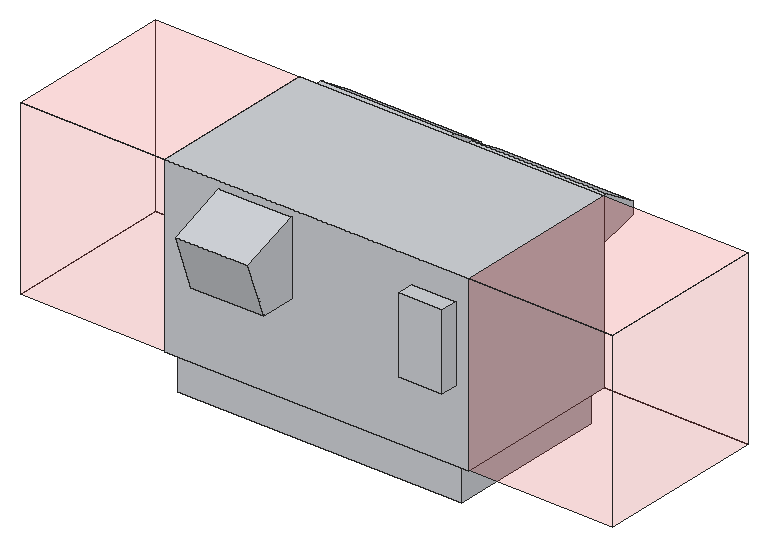
Revit family
Parameters (values of type "208 V Single Phase")
  Weight Scheduled [instance] = 2220  # constant formula
  Voltage Workaround = Voltage / 1 V  # 208
  Voltage Scheduled = Voltage  # 208 V
  Voltage = 208 V
  VoltAmps Workaround [instance] = Voltage Workaround * Total FLA * sqrt(Phase)  # 0
  VoltAmps [instance] = VoltAmps Workaround * 1 VA  # 0 VA
  VFD [instance] = yes
  URL = "http://www.renewaire.com/products/commercial-products/outdoor-models/le6xrt"
  Total FLA [instance] = if(or(Supply Motor FLA = 0, Exhaust Motor FLA = 0), 0, (Supply Motor FLA * Supply Motor Count) + (Exhaust Motor FLA * Exhaust Motor Count))  # 0
  Supply Motor RPM Scheduled [instance] = Supply Motor RPM  # 0
  Supply Motor RPM [instance] = if(and(or(Supply ESP = 0, Supply ESP > 0), Supply ESP < 0.25), if(Supply Motor HP = 3, if(Supply CFM > 4220 CFM, 0, if(Supply CFM > 3980 CFM, 837, if(Supply CFM > 4470 CFM, 796, if(Supply CFM > 3620 CFM, 755, if(Supply CFM > 3500 CFM, 714, if(Supply CFM > 3420 CFM, 673, 632)))))), if(Supply Motor HP = 5, if(Supply CFM > 5170 CFM, 0, if(Supply CFM > 4880 CFM, 982, if(Supply CFM > 4600 CFM, 940, if(Supply CFM > 4340 CFM, 898, if(Supply CFM > 4090 CFM, 857, if(Supply CFM > 3870 CFM, 815, 773)))))), if(Supply Motor HP = 7.5, if(Supply CFM > 6430 CFM, 0, if(Supply CFM > 5960 CFM, 1122, if(Supply CFM > 5610 CFM, 1082, if(Supply CFM > 5300 CFM, 1041, 1000)))), 0))), if(and(or(Supply ESP = 0.25, Supply ESP > 0.25), Supply ESP < 0.5), if(Supply Motor HP = 3, if(Supply CFM > 3920 CFM, 0, if(Supply CFM > 3660 CFM, 837, if(Supply CFM > 3440 CFM, 796, if(Supply CFM > 3270 CFM, 755, if(Supply CFM > 3150 CFM, 714, if(Supply CFM > 3080 CFM, 673, 632)))))), if(Supply Motor HP = 5, if(Supply CFM > 4940 CFM, 0, if(Supply CFM > 4640 CFM, 982, if(Supply CFM > 4330 CFM, 940, if(Supply CFM > 4050 CFM, 898, if(Supply CFM > 3770 CFM, 857, if(Supply CFM > 3530 CFM, 815, 773)))))), if(Supply Motor HP = 7.5, if(Supply CFM > 6600 CFM, 0, if(Supply CFM > 6150 CFM, 1163, if(Supply CFM > 5730 CFM, 1122, if(Supply CFM > 5380 CFM, 1082, if(Supply CFM > 5070 CFM, 1041, 1000))))), 0))), if(and(or(Supply ESP = 0.5, Supply ESP > 0.5), Supply ESP < 0.75), if(Supply Motor HP = 3, if(Supply CFM > 3520 CFM, 0, if(Supply CFM > 3220 CFM, 837, if(Supply CFM > 2950 CFM, 796, if(Supply CFM > 2750 CFM, 755, if(Supply CFM > 2600 CFM, 714, if(Supply CFM > 2510 CFM, 673, 632)))))), if(Supply Motor HP = 5, if(Supply CFM > 4670 CFM, 0, if(Supply CFM > 4340 CFM, 982, if(Supply CFM > 4000 CFM, 940, if(Supply CFM > 3670 CFM, 898, if(Supply CFM > 3350 CFM, 857, if(Supply CFM > 3060 CFM, 815, 773)))))), if(Supply Motor HP = 7.5, if(Supply CFM > 6490 CFM, 0, if(Supply CFM > 5850 CFM, 1163, if(Supply CFM > 5460 CFM, 1122, if(Supply CFM > 5130 CFM, 1082, if(Supply CFM > 4810 CFM, 1041, 1000))))), 0))), if(and(or(Supply ESP = 0.75, Supply ESP > 0.75), Supply ESP < 1), if(Supply Motor HP = 3, if(Supply CFM > 2880 CFM, 0, if(Supply CFM > 2400 CFM, 837, if(Supply CFM > 1800 CFM, 796, 755))), if(Supply Motor HP = 5, if(Supply CFM > 4330 CFM, 0, if(Supply CFM > 3950 CFM, 982, if(Supply CFM > 3540 CFM, 940, if(Supply CFM > 3100 CFM, 898, if(Supply CFM > 2630 CFM, 857, if(Supply CFM > 2090 CFM, 815, 773)))))), if(Supply Motor HP = 7.5, if(Supply CFM > 6600 CFM, 0, if(Supply CFM > 5990 CFM, 1204, if(Supply CFM > 5510 CFM, 1163, if(Supply CFM > 5160 CFM, 1122, if(Supply CFM > 4830 CFM, 1082, if(Supply CFM > 4490 CFM, 1041, 1000)))))), 0))), if(and(or(Supply ESP = 1, Supply ESP > 1), Supply ESP < 1.25), if(Supply Motor HP = 5, if(Supply CFM > 3880 CFM, 0, if(Supply CFM > 3380 CFM, 982, if(Supply CFM > 2700 CFM, 940, if(Supply CFM > 1770 CFM, 898, 857)))), if(Supply Motor HP = 7.5, if(Supply CFM > 6230 CFM, 0, if(Supply CFM > 5510 CFM, 1204, if(Supply CFM > 5140 CFM, 1163, if(Supply CFM > 4810 CFM, 1122, if(Supply CFM > 4460 CFM, 1082, if(Supply CFM > 4070 CFM, 1041, 1000)))))), 0)), if(and(or(Supply ESP = 1.25, Supply ESP > 1.25), Supply ESP < 1.5), if(Supply Motor HP = 5, if(Supply CFM > 3160 CFM, 0, if(Supply CFM > 2050 CFM, 982, 940)), if(Supply Motor HP = 7.5, if(Supply CFM > 5380 CFM, 0, if(Supply CFM > 5040 CFM, 1204, if(Supply CFM > 4720 CFM, 1163, if(Supply CFM > 4380 CFM, 1122, if(Supply CFM > 3980 CFM, 1082, if(Supply CFM > 3460 CFM, 1041, 1000)))))), 0)), if(and(or(Supply ESP = 1.5, Supply ESP > 1.5), Supply ESP < 1.75), if(Supply Motor HP = 5, if(Supply CFM > 1400 CFM, 0, 982), if(Supply Motor HP = 7.5, if(Supply CFM > 4800 CFM, 0, if(Supply CFM > 4550 CFM, 1204, if(Supply CFM > 4230 CFM, 1163, if(Supply CFM > 3830 CFM, 1122, if(Supply CFM > 3240 CFM, 1082, if(Supply CFM > 2100 CFM, 1041, 1000)))))), 0)), if(and(or(Supply ESP = 1.75, Supply ESP > 1.75), Supply ESP < 2), if(Supply Motor HP = 7.5, if(Supply CFM > 4300 CFM, 0, if(Supply CFM > 4020 CFM, 1204, if(Supply CFM > 3630 CFM, 1163, if(Supply CFM > 3010 CFM, 1122, if(Supply CFM > 1600 CFM, 1082, 1041))))), 0), if(Supply ESP = 2, if(Supply Motor HP = 7.5, if(Supply CFM > 3800 CFM, 0, if(Supply CFM > 3440 CFM, 1204, if(Supply CFM > 2800 CFM, 1163, 1122))), 0), 0)))))))))  # 0
  Supply Motor HP Scheduled [instance] = Supply Motor HP  # 0
  Supply Motor HP [instance] = 0
  Supply Motor FLA [instance] = if(VFD, if(Supply Motor BHP = 0, 0, if(Supply Motor HP = 3, if(and(or(Voltage = 208 V, Voltage = 230 V), Phase = 1), 9.38, if(and(or(Voltage = 208 V, Voltage = 230 V), Phase = 3), 9.38, if(and(Voltage = 460 V, Phase = 3), 4.24, if(and(Voltage = 575 V, Phase = 3), 3.3, 0)))), if(Supply Motor HP = 5, if(and(or(Voltage = 208 V, Voltage = 230 V), Phase = 3), 14.5, if(and(Voltage = 460 V, Phase = 3), 6.7, if(and(Voltage = 575 V, Phase = 3), 5.3, 0))), if(Supply Motor HP = 7.5, if(and(or(Voltage = 208 V, Voltage = 230 V), Phase = 3), 21, if(and(Voltage = 460 V, Phase = 3), 9.4, if(and(Voltage = 575 V, Phase = 3), 7.6, 0))), 0)))), if(Supply Motor BHP = 0, 0, if(Supply Motor HP = 3, if(and(or(Voltage = 208 V, Voltage = 230 V), Phase = 1), 14.7, if(and(or(Voltage = 208 V, Voltage = 230 V), Phase = 3), 9.38, if(and(Voltage = 460 V, Phase = 3), 4.24, if(and(Voltage = 575 V, Phase = 3), 3.3, 0)))), if(Supply Motor HP = 5, if(and(or(Voltage = 208 V, Voltage = 230 V), Phase = 3), 14.5, if(and(Voltage = 460 V, Phase = 3), 6.7, if(and(Voltage = 575 V, Phase = 3), 5.3, 0))), if(Supply Motor HP = 7.5, if(and(or(Voltage = 208 V, Voltage = 230 V), Phase = 3), 21, if(and(Voltage = 460 V, Phase = 3), 9.4, if(and(Voltage = 575 V, Phase = 3), 7.6, 0))), 0)))))  # 0
  Supply Motor Count Scheduled [instance] = Supply Motor Count  # 1
  Supply Motor Count [instance] = 1  # constant formula
  Supply Motor BHP [instance] = if(and(or(Supply ESP = 0, Supply ESP > 0), Supply ESP < 0.25), if(Supply Motor HP = 3, if(Supply CFM > 4220 CFM, 0, if(Supply CFM > 3980 CFM, 2.3, if(Supply CFM > 4470 CFM, 2, if(Supply CFM > 3620 CFM, 1.8, if(Supply CFM > 3500 CFM, 1.5, if(Supply CFM > 3420 CFM, 1.4, 1.2)))))), if(Supply Motor HP = 5, if(Supply CFM > 5170 CFM, 0, if(Supply CFM > 4880 CFM, 3.9, if(Supply CFM > 4600 CFM, 3.4, if(Supply CFM > 4340 CFM, 2.9, if(Supply CFM > 4090 CFM, 2.5, if(Supply CFM > 3870 CFM, 2.2, 1.9)))))), if(Supply Motor HP = 7.5, if(Supply CFM > 6430 CFM, 0, if(Supply CFM > 5960 CFM, 6.4, if(Supply CFM > 5610 CFM, 5.5, if(Supply CFM > 5300 CFM, 4.8, 4.2)))), 0))), if(and(or(Supply ESP = 0.25, Supply ESP > 0.25), Supply ESP < 0.5), if(Supply Motor HP = 3, if(Supply CFM > 3920 CFM, 0, if(Supply CFM > 3660 CFM, 2.1, if(Supply CFM > 3440 CFM, 1.8, if(Supply CFM > 3270 CFM, 1.6, if(Supply CFM > 3150 CFM, 1.4, if(Supply CFM > 3080 CFM, 1.2, 1.1)))))), if(Supply Motor HP = 5, if(Supply CFM > 4940 CFM, 0, if(Supply CFM > 4640 CFM, 3.7, if(Supply CFM > 4330 CFM, 2.7, if(Supply CFM > 4050 CFM, 2.7, if(Supply CFM > 3770 CFM, 2.3, if(Supply CFM > 3530 CFM, 2, 1.7)))))), if(Supply Motor HP = 7.5, if(Supply CFM > 6600 CFM, 0, if(Supply CFM > 6150 CFM, 7, if(Supply CFM > 5730 CFM, 6, if(Supply CFM > 5380 CFM, 5.1, if(Supply CFM > 5070 CFM, 4.5, 3.9))))), 0))), if(and(or(Supply ESP = 0.5, Supply ESP > 0.5), Supply ESP < 0.75), if(Supply Motor HP = 3, if(Supply CFM > 3520 CFM, 0, if(Supply CFM > 3220 CFM, 1.9, if(Supply CFM > 2950 CFM, 1.6, if(Supply CFM > 2750 CFM, 1.4, if(Supply CFM > 2600 CFM, 1.2, if(Supply CFM > 2510 CFM, 1.1, 1)))))), if(Supply Motor HP = 5, if(Supply CFM > 4670 CFM, 0, if(Supply CFM > 4340 CFM, 3.4, if(Supply CFM > 4000 CFM, 2.4, if(Supply CFM > 3670 CFM, 2.4, if(Supply CFM > 3350 CFM, 2, if(Supply CFM > 3060 CFM, 1.7, 1.4)))))), if(Supply Motor HP = 7.5, if(Supply CFM > 6490 CFM, 0, if(Supply CFM > 5850 CFM, 6.7, if(Supply CFM > 5460 CFM, 5.5, if(Supply CFM > 5130 CFM, 4.8, if(Supply CFM > 4810 CFM, 4.2, 3.6))))), 0))), if(and(or(Supply ESP = 0.75, Supply ESP > 0.75), Supply ESP < 1), if(Supply Motor HP = 3, if(Supply CFM > 2880 CFM, 0, if(Supply CFM > 2400 CFM, 1.5, if(Supply CFM > 1800 CFM, 1.2, 1))), if(Supply Motor HP = 5, if(Supply CFM > 4330 CFM, 0, if(Supply CFM > 3950 CFM, 3.1, if(Supply CFM > 3540 CFM, 2.6, if(Supply CFM > 3100 CFM, 2.1, if(Supply CFM > 2630 CFM, 1.7, if(Supply CFM > 2090 CFM, 1.4, 1.1)))))), if(Supply Motor HP = 7.5, if(Supply CFM > 6600 CFM, 0, if(Supply CFM > 5990 CFM, 7, if(Supply CFM > 5510 CFM, 5.9, if(Supply CFM > 5160 CFM, 5.1, if(Supply CFM > 4830 CFM, 4.4, if(Supply CFM > 4490 CFM, 3.8, 3.3)))))), 0))), if(and(or(Supply ESP = 1, Supply ESP > 1), Supply ESP < 1.25), if(Supply Motor HP = 5, if(Supply CFM > 3880 CFM, 0, if(Supply CFM > 3380 CFM, 2.7, if(Supply CFM > 2700 CFM, 2.1, if(Supply CFM > 1770 CFM, 1.6, 1.1)))), if(Supply Motor HP = 7.5, if(Supply CFM > 6230 CFM, 0, if(Supply CFM > 5510 CFM, 6.5, if(Supply CFM > 5140 CFM, 5.3, if(Supply CFM > 4810 CFM, 4.6, if(Supply CFM > 4460 CFM, 4, if(Supply CFM > 4070 CFM, 3.5, 2.9)))))), 0)), if(and(or(Supply ESP = 1.25, Supply ESP > 1.25), Supply ESP < 1.5), if(Supply Motor HP = 5, if(Supply CFM > 3160 CFM, 0, if(Supply CFM > 2050 CFM, 2.2, 1.5)), if(Supply Motor HP = 7.5, if(Supply CFM > 5380 CFM, 0, if(Supply CFM > 5040 CFM, 5.3, if(Supply CFM > 4720 CFM, 4.7, if(Supply CFM > 4380 CFM, 4.1, if(Supply CFM > 3980 CFM, 3.6, if(Supply CFM > 3460 CFM, 3, 2.4)))))), 0)), if(and(or(Supply ESP = 1.5, Supply ESP > 1.5), Supply ESP < 1.75), if(Supply Motor HP = 5, if(Supply CFM > 1400 CFM, 0, 1.4), if(Supply Motor HP = 7.5, if(Supply CFM > 4800 CFM, 0, if(Supply CFM > 4550 CFM, 4.6, if(Supply CFM > 4230 CFM, 4.1, if(Supply CFM > 3830 CFM, 3.6, if(Supply CFM > 3240 CFM, 3.1, if(Supply CFM > 2100 CFM, 2.4, 1.7)))))), 0)), if(and(or(Supply ESP = 1.75, Supply ESP > 1.75), Supply ESP < 2), if(Supply Motor HP = 7.5, if(Supply CFM > 4300 CFM, 0, if(Supply CFM > 4020 CFM, 4, if(Supply CFM > 3630 CFM, 3.6, if(Supply CFM > 3010 CFM, 2.5, if(Supply CFM > 1600 CFM, 2.5, 1.7))))), 0), if(Supply ESP = 2, if(Supply Motor HP = 7.5, if(Supply CFM > 3800 CFM, 0, if(Supply CFM > 3440 CFM, 3.6, if(Supply CFM > 2800 CFM, 3.1, 2.5))), 0), 0)))))))))  # 0
  Supply ESP Scheduled [instance] = Supply ESP  # 0
  Supply ESP [instance] = 0
  Supply CFM Scheduled [instance] = Supply CFM  # 0 CFM
  Supply CFM [instance] = 0 CFM
  Supply Air Winter RH Scheduled [instance] = 0
  Supply Air Winter DB Scheduled [instance] = 0
  Supply Air Summer RH Scheduled [instance] = 0
  Supply Air Summer DB Scheduled [instance] = 0
  Phase Scheduled = Phase  # 1
  Phase = 1
  Outside Air Winter RH Scheduled [instance] = 0
  Outside Air Winter DB Scheduled [instance] = 0
  Outside Air Summer RH Scheduled [instance] = 0
  Outside Air Summer DB Scheduled [instance] = 0
  Number of Poles = 2
  Model = "LE6XRTF"
  Manufacturer = "RenewAire"
  MOCP Scheduled [instance] = MOCP  # 0
  MOCP [instance] = if(Total FLA = 0, 0, if(VFD, if(and(or(Voltage = 208 V, Voltage = 230 V), Phase = 1), if(and(Supply Motor HP = 3, Exhaust Motor HP = 3), 45, 0), if(and(or(Voltage = 208 V, Voltage = 230 V), Phase = 3), if(and(Supply Motor HP = 3, Exhaust Motor HP = 3), 25, if(and(Supply Motor HP = 3, Exhaust Motor HP = 5), 40, if(and(Supply Motor HP = 3, Exhaust Motor HP = 7.5), 50, if(and(Supply Motor HP = 5, Exhaust Motor HP = 3), 40, if(and(Supply Motor HP = 5, Exhaust Motor HP = 5), 45, if(and(Supply Motor HP = 5, Exhaust Motor HP = 7.5), 60, if(and(Supply Motor HP = 7.5, Exhaust Motor HP = 3), 50, if(and(Supply Motor HP = 7.5, Exhaust Motor HP = 5), 60, if(and(Supply Motor HP = 7.5, Exhaust Motor HP = 7.5), 60, 0))))))))), if(and(Voltage = 460 V, Phase = 3), if(and(Supply Motor HP = 3, Exhaust Motor HP = 3), 15, if(and(Supply Motor HP = 3, Exhaust Motor HP = 5), 15, if(and(Supply Motor HP = 3, Exhaust Motor HP = 7.5), 20, if(and(Supply Motor HP = 5, Exhaust Motor HP = 3), 15, if(and(Supply Motor HP = 5, Exhaust Motor HP = 5), 20, if(and(Supply Motor HP = 5, Exhaust Motor HP = 7.5), 25, if(and(Supply Motor HP = 7.5, Exhaust Motor HP = 3), 20, if(and(Supply Motor HP = 7.5, Exhaust Motor HP = 5), 25, if(and(Supply Motor HP = 7.5, Exhaust Motor HP = 7.5), 30, 0))))))))), if(and(Voltage = 575 V, Phase = 3), if(and(Supply Motor HP = 3, Exhaust Motor HP = 3), 15, if(and(Supply Motor HP = 3, Exhaust Motor HP = 5), 15, if(and(Supply Motor HP = 3, Exhaust Motor HP = 7.5), 20, if(and(Supply Motor HP = 5, Exhaust Motor HP = 3), 15, if(and(Supply Motor HP = 5, Exhaust Motor HP = 5), 15, if(and(Supply Motor HP = 5, Exhaust Motor HP = 7.5), 20, if(and(Supply Motor HP = 7.5, Exhaust Motor HP = 3), 20, if(and(Supply Motor HP = 7.5, Exhaust Motor HP = 5), 20, if(and(Supply Motor HP = 7.5, Exhaust Motor HP = 7.5), 20, 0))))))))), 0)))), if(and(or(Voltage = 208 V, Voltage = 230 V), Phase = 1), if(and(Supply Motor HP = 3, Exhaust Motor HP = 3), 40, 0), if(and(or(Voltage = 208 V, Voltage = 230 V), Phase = 3), if(and(Supply Motor HP = 3, Exhaust Motor HP = 3), 25, if(and(Supply Motor HP = 3, Exhaust Motor HP = 5), 40, if(and(Supply Motor HP = 3, Exhaust Motor HP = 7.5), 50, if(and(Supply Motor HP = 5, Exhaust Motor HP = 3), 40, if(and(Supply Motor HP = 5, Exhaust Motor HP = 5), 45, if(and(Supply Motor HP = 5, Exhaust Motor HP = 7.5), 60, if(and(Supply Motor HP = 7.5, Exhaust Motor HP = 3), 50, if(and(Supply Motor HP = 7.5, Exhaust Motor HP = 5), 60, if(and(Supply Motor HP = 7.5, Exhaust Motor HP = 7.5), 60, 0))))))))), if(and(Voltage = 460 V, Phase = 3), if(and(Supply Motor HP = 3, Exhaust Motor HP = 3), 15, if(and(Supply Motor HP = 3, Exhaust Motor HP = 5), 15, if(and(Supply Motor HP = 3, Exhaust Motor HP = 7.5), 20, if(and(Supply Motor HP = 5, Exhaust Motor HP = 3), 15, if(and(Supply Motor HP = 5, Exhaust Motor HP = 5), 20, if(and(Supply Motor HP = 5, Exhaust Motor HP = 7.5), 25, if(and(Supply Motor HP = 7.5, Exhaust Motor HP = 3), 20, if(and(Supply Motor HP = 7.5, Exhaust Motor HP = 5), 25, if(and(Supply Motor HP = 7.5, Exhaust Motor HP = 7.5), 30, 0))))))))), if(and(Voltage = 575 V, Phase = 3), if(and(Supply Motor HP = 3, Exhaust Motor HP = 3), 15, if(and(Supply Motor HP = 3, Exhaust Motor HP = 5), 15, if(and(Supply Motor HP = 3, Exhaust Motor HP = 7.5), 20, if(and(Supply Motor HP = 5, Exhaust Motor HP = 3), 15, if(and(Supply Motor HP = 5, Exhaust Motor HP = 5), 15, if(and(Supply Motor HP = 5, Exhaust Motor HP = 7.5), 20, if(and(Supply Motor HP = 7.5, Exhaust Motor HP = 3), 20, if(and(Supply Motor HP = 7.5, Exhaust Motor HP = 5), 20, if(and(Supply Motor HP = 7.5, Exhaust Motor HP = 7.5), 20, 0))))))))), 0))))))  # 0
  MCA Scheduled [instance] = MCA  # 0
  MCA [instance] = if(Total FLA = 0, 0, if(VFD, if(and(or(Voltage = 208 V, Voltage = 230 V), Phase = 1), if(and(Supply Motor HP = 3, Exhaust Motor HP = 3), 40.2, 0), if(and(or(Voltage = 208 V, Voltage = 230 V), Phase = 3), if(and(Supply Motor HP = 3, Exhaust Motor HP = 3), 23.2, if(and(Supply Motor HP = 3, Exhaust Motor HP = 5), 30.3, if(and(Supply Motor HP = 3, Exhaust Motor HP = 7.5), 36.2, if(and(Supply Motor HP = 5, Exhaust Motor HP = 3), 30.3, if(and(Supply Motor HP = 5, Exhaust Motor HP = 5), 35.9, if(and(Supply Motor HP = 5, Exhaust Motor HP = 7.5), 44.8, if(and(Supply Motor HP = 7.5, Exhaust Motor HP = 3), 39.2, if(and(Supply Motor HP = 7.5, Exhaust Motor HP = 5), 44.8, if(and(Supply Motor HP = 7.5, Exhaust Motor HP = 7.5), 52, 0))))))))), if(and(Voltage = 460 V, Phase = 3), if(and(Supply Motor HP = 3, Exhaust Motor HP = 3), 10.5, if(and(Supply Motor HP = 3, Exhaust Motor HP = 5), 13.9, if(and(Supply Motor HP = 3, Exhaust Motor HP = 7.5), 17.6, if(and(Supply Motor HP = 5, Exhaust Motor HP = 3), 13.9, if(and(Supply Motor HP = 5, Exhaust Motor HP = 5), 16.6, if(and(Supply Motor HP = 5, Exhaust Motor HP = 7.5), 20.3, if(and(Supply Motor HP = 7.5, Exhaust Motor HP = 3), 17.6, if(and(Supply Motor HP = 7.5, Exhaust Motor HP = 5), 20.3, if(and(Supply Motor HP = 7.5, Exhaust Motor HP = 7.5), 23.3, 0))))))))), if(and(Voltage = 575 V, Phase = 3), if(and(Supply Motor HP = 3, Exhaust Motor HP = 3), 8.2, if(and(Supply Motor HP = 3, Exhaust Motor HP = 5), 10.9, if(and(Supply Motor HP = 3, Exhaust Motor HP = 7.5), 14.1, if(and(Supply Motor HP = 5, Exhaust Motor HP = 3), 10.9, if(and(Supply Motor HP = 5, Exhaust Motor HP = 5), 13.1, if(and(Supply Motor HP = 5, Exhaust Motor HP = 7.5), 16.3, if(and(Supply Motor HP = 7.5, Exhaust Motor HP = 3), 14.1, if(and(Supply Motor HP = 7.5, Exhaust Motor HP = 5), 16.3, if(and(Supply Motor HP = 7.5, Exhaust Motor HP = 7.5), 18.8, 0))))))))), 0)))), if(and(or(Voltage = 208 V, Voltage = 230 V), Phase = 1), if(and(Supply Motor HP = 3, Exhaust Motor HP = 3), 33.1, 0), if(and(or(Voltage = 208 V, Voltage = 230 V), Phase = 3), if(and(Supply Motor HP = 3, Exhaust Motor HP = 3), 21.1, if(and(Supply Motor HP = 3, Exhaust Motor HP = 5), 27.5, if(and(Supply Motor HP = 3, Exhaust Motor HP = 7.5), 35.6, if(and(Supply Motor HP = 5, Exhaust Motor HP = 3), 27.5, if(and(Supply Motor HP = 5, Exhaust Motor HP = 5), 32.6, if(and(Supply Motor HP = 5, Exhaust Motor HP = 7.5), 40.8, if(and(Supply Motor HP = 7.5, Exhaust Motor HP = 3), 35.6, if(and(Supply Motor HP = 7.5, Exhaust Motor HP = 5), 40.8, if(and(Supply Motor HP = 7.5, Exhaust Motor HP = 7.5), 47.3, 0))))))))), if(and(Voltage = 460 V, Phase = 3), if(and(Supply Motor HP = 3, Exhaust Motor HP = 3), 9.5, if(and(Supply Motor HP = 3, Exhaust Motor HP = 5), 12.6, if(and(Supply Motor HP = 3, Exhaust Motor HP = 7.5), 16, if(and(Supply Motor HP = 5, Exhaust Motor HP = 3), 12.6, if(and(Supply Motor HP = 5, Exhaust Motor HP = 5), 15.1, if(and(Supply Motor HP = 5, Exhaust Motor HP = 7.5), 18.5, if(and(Supply Motor HP = 7.5, Exhaust Motor HP = 3), 16, if(and(Supply Motor HP = 7.5, Exhaust Motor HP = 5), 18.5, if(and(Supply Motor HP = 7.5, Exhaust Motor HP = 7.5), 21.2, 0))))))))), if(and(Voltage = 575 V, Phase = 3), if(and(Supply Motor HP = 3, Exhaust Motor HP = 3), 7.4, if(and(Supply Motor HP = 3, Exhaust Motor HP = 5), 9.9, if(and(Supply Motor HP = 3, Exhaust Motor HP = 7.5), 12.8, if(and(Supply Motor HP = 5, Exhaust Motor HP = 3), 9.9, if(and(Supply Motor HP = 5, Exhaust Motor HP = 5), 11.9, if(and(Supply Motor HP = 5, Exhaust Motor HP = 7.5), 14.8, if(and(Supply Motor HP = 7.5, Exhaust Motor HP = 3), 12.8, if(and(Supply Motor HP = 7.5, Exhaust Motor HP = 5), 14.8, if(and(Supply Motor HP = 7.5, Exhaust Motor HP = 7.5), 17.1, 0))))))))), 0))))))  # 0
  FLA Scheduled [instance] = Total FLA  # 0
  Exhaust RH Scheduled [instance] = 0
  Exhaust Motor RPM Scheduled [instance] = Exhaust Motor RPM  # 0
  Exhaust Motor RPM [instance] = if(and(or(Exhaust ESP = 0, Exhaust ESP > 0), Exhaust ESP < 0.25), if(Exhaust Motor HP = 3, if(Exhaust CFM > 4220 CFM, 0, if(Exhaust CFM > 3980 CFM, 837, if(Exhaust CFM > 4470 CFM, 796, if(Exhaust CFM > 3620 CFM, 755, if(Exhaust CFM > 3500 CFM, 714, if(Exhaust CFM > 3420 CFM, 673, 632)))))), if(Exhaust Motor HP = 5, if(Exhaust CFM > 5170 CFM, 0, if(Exhaust CFM > 4880 CFM, 982, if(Exhaust CFM > 4600 CFM, 940, if(Exhaust CFM > 4340 CFM, 898, if(Exhaust CFM > 4090 CFM, 857, if(Exhaust CFM > 3870 CFM, 815, 773)))))), if(Exhaust Motor HP = 7.5, if(Exhaust CFM > 6430 CFM, 0, if(Exhaust CFM > 5960 CFM, 1122, if(Exhaust CFM > 5610 CFM, 1082, if(Exhaust CFM > 5300 CFM, 1041, 1000)))), 0))), if(and(or(Exhaust ESP = 0.25, Exhaust ESP > 0.25), Exhaust ESP < 0.5), if(Exhaust Motor HP = 3, if(Exhaust CFM > 3920 CFM, 0, if(Exhaust CFM > 3660 CFM, 837, if(Exhaust CFM > 3440 CFM, 796, if(Exhaust CFM > 3270 CFM, 755, if(Exhaust CFM > 3150 CFM, 714, if(Exhaust CFM > 3080 CFM, 673, 632)))))), if(Exhaust Motor HP = 5, if(Exhaust CFM > 4940 CFM, 0, if(Exhaust CFM > 4640 CFM, 982, if(Exhaust CFM > 4330 CFM, 940, if(Exhaust CFM > 4050 CFM, 898, if(Exhaust CFM > 3770 CFM, 857, if(Exhaust CFM > 3530 CFM, 815, 773)))))), if(Exhaust Motor HP = 7.5, if(Exhaust CFM > 6600 CFM, 0, if(Exhaust CFM > 6150 CFM, 1163, if(Exhaust CFM > 5730 CFM, 1122, if(Exhaust CFM > 5380 CFM, 1082, if(Exhaust CFM > 5070 CFM, 1041, 1000))))), 0))), if(and(or(Exhaust ESP = 0.5, Exhaust ESP > 0.5), Exhaust ESP < 0.75), if(Exhaust Motor HP = 3, if(Exhaust CFM > 3520 CFM, 0, if(Exhaust CFM > 3220 CFM, 837, if(Exhaust CFM > 2950 CFM, 796, if(Exhaust CFM > 2750 CFM, 755, if(Exhaust CFM > 2600 CFM, 714, if(Exhaust CFM > 2510 CFM, 673, 632)))))), if(Exhaust Motor HP = 5, if(Exhaust CFM > 4670 CFM, 0, if(Exhaust CFM > 4340 CFM, 982, if(Exhaust CFM > 4000 CFM, 940, if(Exhaust CFM > 3670 CFM, 898, if(Exhaust CFM > 3350 CFM, 857, if(Exhaust CFM > 3060 CFM, 815, 773)))))), if(Exhaust Motor HP = 7.5, if(Exhaust CFM > 6490 CFM, 0, if(Exhaust CFM > 5850 CFM, 1163, if(Exhaust CFM > 5460 CFM, 1122, if(Exhaust CFM > 5130 CFM, 1082, if(Exhaust CFM > 4810 CFM, 1041, 1000))))), 0))), if(and(or(Exhaust ESP = 0.75, Exhaust ESP > 0.75), Exhaust ESP < 1), if(Exhaust Motor HP = 3, if(Exhaust CFM > 2880 CFM, 0, if(Exhaust CFM > 2400 CFM, 837, if(Exhaust CFM > 1800 CFM, 796, 755))), if(Exhaust Motor HP = 5, if(Exhaust CFM > 4330 CFM, 0, if(Exhaust CFM > 3950 CFM, 982, if(Exhaust CFM > 3540 CFM, 940, if(Exhaust CFM > 3100 CFM, 898, if(Exhaust CFM > 2630 CFM, 857, if(Exhaust CFM > 2090 CFM, 815, 773)))))), if(Exhaust Motor HP = 7.5, if(Exhaust CFM > 6600 CFM, 0, if(Exhaust CFM > 5990 CFM, 1204, if(Exhaust CFM > 5510 CFM, 1163, if(Exhaust CFM > 5160 CFM, 1122, if(Exhaust CFM > 4830 CFM, 1082, if(Exhaust CFM > 4490 CFM, 1041, 1000)))))), 0))), if(and(or(Exhaust ESP = 1, Exhaust ESP > 1), Exhaust ESP < 1.25), if(Exhaust Motor HP = 5, if(Exhaust CFM > 3880 CFM, 0, if(Exhaust CFM > 3380 CFM, 982, if(Exhaust CFM > 2700 CFM, 940, if(Exhaust CFM > 1770 CFM, 898, 857)))), if(Exhaust Motor HP = 7.5, if(Exhaust CFM > 6230 CFM, 0, if(Exhaust CFM > 5510 CFM, 1204, if(Exhaust CFM > 5140 CFM, 1163, if(Exhaust CFM > 4810 CFM, 1122, if(Exhaust CFM > 4460 CFM, 1082, if(Exhaust CFM > 4070 CFM, 1041, 1000)))))), 0)), if(and(or(Exhaust ESP = 1.25, Exhaust ESP > 1.25), Exhaust ESP < 1.5), if(Exhaust Motor HP = 5, if(Exhaust CFM > 3160 CFM, 0, if(Exhaust CFM > 2050 CFM, 982, 940)), if(Exhaust Motor HP = 7.5, if(Exhaust CFM > 5380 CFM, 0, if(Exhaust CFM > 5040 CFM, 1204, if(Exhaust CFM > 4720 CFM, 1163, if(Exhaust CFM > 4380 CFM, 1122, if(Exhaust CFM > 3980 CFM, 1082, if(Exhaust CFM > 3460 CFM, 1041, 1000)))))), 0)), if(and(or(Exhaust ESP = 1.5, Exhaust ESP > 1.5), Exhaust ESP < 1.75), if(Exhaust Motor HP = 5, if(Exhaust CFM > 1400 CFM, 0, 982), if(Exhaust Motor HP = 7.5, if(Exhaust CFM > 4800 CFM, 0, if(Exhaust CFM > 4550 CFM, 1204, if(Exhaust CFM > 4230 CFM, 1163, if(Exhaust CFM > 3830 CFM, 1122, if(Exhaust CFM > 3240 CFM, 1082, if(Exhaust CFM > 2100 CFM, 1041, 1000)))))), 0)), if(and(or(Exhaust ESP = 1.75, Exhaust ESP > 1.75), Exhaust ESP < 2), if(Exhaust Motor HP = 7.5, if(Exhaust CFM > 4300 CFM, 0, if(Exhaust CFM > 4020 CFM, 1204, if(Exhaust CFM > 3630 CFM, 1163, if(Exhaust CFM > 3010 CFM, 1122, if(Exhaust CFM > 1600 CFM, 1082, 1041))))), 0), if(Exhaust ESP = 2, if(Exhaust Motor HP = 7.5, if(Exhaust CFM > 3800 CFM, 0, if(Exhaust CFM > 3440 CFM, 1204, if(Exhaust CFM > 2800 CFM, 1163, 1122))), 0), 0)))))))))  # 0
  Exhaust Motor HP Scheduled [instance] = Exhaust Motor HP  # 0
  Exhaust Motor HP [instance] = 0
  Exhaust Motor FLA [instance] = if(VFD, if(Exhaust Motor BHP = 0, 0, if(Exhaust Motor HP = 3, if(and(or(Voltage = 208 V, Voltage = 230 V), Phase = 1), 9.38, if(and(or(Voltage = 208 V, Voltage = 230 V), Phase = 3), 9.38, if(and(Voltage = 460 V, Phase = 3), 4.24, if(and(Voltage = 575 V, Phase = 3), 3.3, 0)))), if(Exhaust Motor HP = 5, if(and(or(Voltage = 208 V, Voltage = 230 V), Phase = 3), 14.5, if(and(Voltage = 460 V, Phase = 3), 6.7, if(and(Voltage = 575 V, Phase = 3), 5.3, 0))), if(Exhaust Motor HP = 7.5, if(and(or(Voltage = 208 V, Voltage = 230 V), Phase = 3), 21, if(and(Voltage = 460 V, Phase = 3), 9.4, if(and(Voltage = 575 V, Phase = 3), 7.6, 0))), 0)))), if(Exhaust Motor BHP = 0, 0, if(Exhaust Motor HP = 3, if(and(or(Voltage = 208 V, Voltage = 230 V), Phase = 1), 14.7, if(and(or(Voltage = 208 V, Voltage = 230 V), Phase = 3), 9.38, if(and(Voltage = 460 V, Phase = 3), 4.24, if(and(Voltage = 575 V, Phase = 3), 3.3, 0)))), if(Exhaust Motor HP = 5, if(and(or(Voltage = 208 V, Voltage = 230 V), Phase = 3), 14.5, if(and(Voltage = 460 V, Phase = 3), 6.7, if(and(Voltage = 575 V, Phase = 3), 5.3, 0))), if(Exhaust Motor HP = 7.5, if(and(or(Voltage = 208 V, Voltage = 230 V), Phase = 3), 21, if(and(Voltage = 460 V, Phase = 3), 9.4, if(and(Voltage = 575 V, Phase = 3), 7.6, 0))), 0)))))  # 0
  Exhaust Motor Count Scheduled [instance] = Exhaust Motor Count  # 1
  Exhaust Motor Count [instance] = 1  # constant formula
  Exhaust Motor BHP [instance] = if(and(or(Exhaust ESP = 0, Exhaust ESP > 0), Exhaust ESP < 0.25), if(Exhaust Motor HP = 3, if(Exhaust CFM > 4220 CFM, 0, if(Exhaust CFM > 3980 CFM, 2.3, if(Exhaust CFM > 4470 CFM, 2, if(Exhaust CFM > 3620 CFM, 1.8, if(Exhaust CFM > 3500 CFM, 1.5, if(Exhaust CFM > 3420 CFM, 1.4, 1.2)))))), if(Exhaust Motor HP = 5, if(Exhaust CFM > 5170 CFM, 0, if(Exhaust CFM > 4880 CFM, 3.9, if(Exhaust CFM > 4600 CFM, 3.4, if(Exhaust CFM > 4340 CFM, 2.9, if(Exhaust CFM > 4090 CFM, 2.5, if(Exhaust CFM > 3870 CFM, 2.2, 1.9)))))), if(Exhaust Motor HP = 7.5, if(Exhaust CFM > 6430 CFM, 0, if(Exhaust CFM > 5960 CFM, 6.4, if(Exhaust CFM > 5610 CFM, 5.5, if(Exhaust CFM > 5300 CFM, 4.8, 4.2)))), 0))), if(and(or(Exhaust ESP = 0.25, Exhaust ESP > 0.25), Exhaust ESP < 0.5), if(Exhaust Motor HP = 3, if(Exhaust CFM > 3920 CFM, 0, if(Exhaust CFM > 3660 CFM, 2.1, if(Exhaust CFM > 3440 CFM, 1.8, if(Exhaust CFM > 3270 CFM, 1.6, if(Exhaust CFM > 3150 CFM, 1.4, if(Exhaust CFM > 3080 CFM, 1.2, 1.1)))))), if(Exhaust Motor HP = 5, if(Exhaust CFM > 4940 CFM, 0, if(Exhaust CFM > 4640 CFM, 3.7, if(Exhaust CFM > 4330 CFM, 2.7, if(Exhaust CFM > 4050 CFM, 2.7, if(Exhaust CFM > 3770 CFM, 2.3, if(Exhaust CFM > 3530 CFM, 2, 1.7)))))), if(Exhaust Motor HP = 7.5, if(Exhaust CFM > 6600 CFM, 0, if(Exhaust CFM > 6150 CFM, 7, if(Exhaust CFM > 5730 CFM, 6, if(Exhaust CFM > 5380 CFM, 5.1, if(Exhaust CFM > 5070 CFM, 4.5, 3.9))))), 0))), if(and(or(Exhaust ESP = 0.5, Exhaust ESP > 0.5), Exhaust ESP < 0.75), if(Exhaust Motor HP = 3, if(Exhaust CFM > 3520 CFM, 0, if(Exhaust CFM > 3220 CFM, 1.9, if(Exhaust CFM > 2950 CFM, 1.6, if(Exhaust CFM > 2750 CFM, 1.4, if(Exhaust CFM > 2600 CFM, 1.2, if(Exhaust CFM > 2510 CFM, 1.1, 1)))))), if(Exhaust Motor HP = 5, if(Exhaust CFM > 4670 CFM, 0, if(Exhaust CFM > 4340 CFM, 3.4, if(Exhaust CFM > 4000 CFM, 2.4, if(Exhaust CFM > 3670 CFM, 2.4, if(Exhaust CFM > 3350 CFM, 2, if(Exhaust CFM > 3060 CFM, 1.7, 1.4)))))), if(Exhaust Motor HP = 7.5, if(Exhaust CFM > 6490 CFM, 0, if(Exhaust CFM > 5850 CFM, 6.7, if(Exhaust CFM > 5460 CFM, 5.5, if(Exhaust CFM > 5130 CFM, 4.8, if(Exhaust CFM > 4810 CFM, 4.2, 3.6))))), 0))), if(and(or(Exhaust ESP = 0.75, Exhaust ESP > 0.75), Exhaust ESP < 1), if(Exhaust Motor HP = 3, if(Exhaust CFM > 2880 CFM, 0, if(Exhaust CFM > 2400 CFM, 1.5, if(Exhaust CFM > 1800 CFM, 1.2, 1))), if(Exhaust Motor HP = 5, if(Exhaust CFM > 4330 CFM, 0, if(Exhaust CFM > 3950 CFM, 3.1, if(Exhaust CFM > 3540 CFM, 2.6, if(Exhaust CFM > 3100 CFM, 2.1, if(Exhaust CFM > 2630 CFM, 1.7, if(Exhaust CFM > 2090 CFM, 1.4, 1.1)))))), if(Exhaust Motor HP = 7.5, if(Exhaust CFM > 6600 CFM, 0, if(Exhaust CFM > 5990 CFM, 7, if(Exhaust CFM > 5510 CFM, 5.9, if(Exhaust CFM > 5160 CFM, 5.1, if(Exhaust CFM > 4830 CFM, 4.4, if(Exhaust CFM > 4490 CFM, 3.8, 3.3)))))), 0))), if(and(or(Exhaust ESP = 1, Exhaust ESP > 1), Exhaust ESP < 1.25), if(Exhaust Motor HP = 5, if(Exhaust CFM > 3880 CFM, 0, if(Exhaust CFM > 3380 CFM, 2.7, if(Exhaust CFM > 2700 CFM, 2.1, if(Exhaust CFM > 1770 CFM, 1.6, 1.1)))), if(Exhaust Motor HP = 7.5, if(Exhaust CFM > 6230 CFM, 0, if(Exhaust CFM > 5510 CFM, 6.5, if(Exhaust CFM > 5140 CFM, 5.3, if(Exhaust CFM > 4810 CFM, 4.6, if(Exhaust CFM > 4460 CFM, 4, if(Exhaust CFM > 4070 CFM, 3.5, 2.9)))))), 0)), if(and(or(Exhaust ESP = 1.25, Exhaust ESP > 1.25), Exhaust ESP < 1.5), if(Exhaust Motor HP = 5, if(Exhaust CFM > 3160 CFM, 0, if(Exhaust CFM > 2050 CFM, 2.2, 1.5)), if(Exhaust Motor HP = 7.5, if(Exhaust CFM > 5380 CFM, 0, if(Exhaust CFM > 5040 CFM, 5.3, if(Exhaust CFM > 4720 CFM, 4.7, if(Exhaust CFM > 4380 CFM, 4.1, if(Exhaust CFM > 3980 CFM, 3.6, if(Exhaust CFM > 3460 CFM, 3, 2.4)))))), 0)), if(and(or(Exhaust ESP = 1.5, Exhaust ESP > 1.5), Exhaust ESP < 1.75), if(Exhaust Motor HP = 5, if(Exhaust CFM > 1400 CFM, 0, 1.4), if(Exhaust Motor HP = 7.5, if(Exhaust CFM > 4800 CFM, 0, if(Exhaust CFM > 4550 CFM, 4.6, if(Exhaust CFM > 4230 CFM, 4.1, if(Exhaust CFM > 3830 CFM, 3.6, if(Exhaust CFM > 3240 CFM, 3.1, if(Exhaust CFM > 2100 CFM, 2.4, 1.7)))))), 0)), if(and(or(Exhaust ESP = 1.75, Exhaust ESP > 1.75), Exhaust ESP < 2), if(Exhaust Motor HP = 7.5, if(Exhaust CFM > 4300 CFM, 0, if(Exhaust CFM > 4020 CFM, 4, if(Exhaust CFM > 3630 CFM, 3.6, if(Exhaust CFM > 3010 CFM, 2.5, if(Exhaust CFM > 1600 CFM, 2.5, 1.7))))), 0), if(Exhaust ESP = 2, if(Exhaust Motor HP = 7.5, if(Exhaust CFM > 3800 CFM, 0, if(Exhaust CFM > 3440 CFM, 3.6, if(Exhaust CFM > 2800 CFM, 3.1, 2.5))), 0), 0)))))))))  # 0
  Exhaust ESP Scheduled [instance] = Exhaust ESP  # 0
  Exhaust ESP [instance] = 0
  Exhaust DB Scheduled [instance] = 0
  Exhaust CFM Scheduled [instance] = Exhaust CFM  # 0 CFM
  Exhaust CFM [instance] = 0 CFM
  Enthalpy Effect Winter Scheduled [instance] = 0
  Enthalpy Effect Summer Scheduled [instance] = 0
Types (8): name | Voltage Workaround | Voltage Scheduled | Voltage | VFD | Phase Scheduled | Phase | Number of Poles | Model
  (no name) | 208 | 208 V | 208 V | yes | 1 | 1 | 2 | "LE6XRTF"
  208 V Single Phase | 208 | 208 V | 208 V | yes | 1 | 1 | 2 | "LE6XRTF"
  230 V Single Phase | 230 | 230 V | 230 V | yes | 1 | 1 | 2 | "HE2XRTF"
  277 V Single Phase | 277 | 277 V | 277 V | yes | 1 | 1 | 1 | "HE2XRTF"
  208 V Three Phase | 208 | 208 V | 208 V | no | 3 | 3 | 3 | "HE2XRTF"
  230 V Three Phase | 230 | 230 V | 230 V | yes | 3 | 3 | 3 | "HE2XRTF"
  460 V Three Phase | 460 | 460 V | 460 V | yes | 3 | 3 | 3 | "HE2XRTF"
  575 V Three Phase | 575 | 575 V | 575 V | yes | 3 | 3 | 3 | "HE2XRTF"
Reference planes (in)
  plane 1 "Center (Front/Back)": y = 0
  plane 2: z = 0
  plane 3 "Center (Left/Right)": x = 0
Forms (in)
  Extrusion 1, solid
    sketch origin (0, 0, 0) x (1, 0, 0) y (0, 1, 0)
      loop
        line (-62.6875, 34.875) -> (-62.6875, -34.875) -> (62.6875, -34.875) -> (62.6875, 34.875) -> (-62.6875, 34.875)
    from 14 to 85.125
  Extrusion 2, solid
    sketch origin (0, -1, 0) x (1, 0, 0) y (0, 1, 0)
      loop
        line (-58.75, 34.3125) -> (-58.75, -32.3125) -> (58.75, -32.3125) -> (58.75, 34.3125) -> (-58.75, 34.3125)
    from 0 to 14
  Extrusion 3, solid
    sketch origin (-31.3125, -9.3125, 27) x (0, 1, 0) y (0, 0, 1)
      loop
        line (-25.5625, 55.125) -> (-47.9375, 46.98117) -> (-39.89151, 24.875) -> (-25.5625, 24.875) -> (-25.5625, 55.125)
    from -9.125 to 20.875
  Extrusion 4, solid
    sketch origin (100.1875, 38.875, 0) x (1, 0, 0) y (0, 1, 0)
      loop
        line (-37.5, -4) -> (-37.5, -73.75) -> (22.3125, -73.75) -> (22.3125, -4) -> (-37.5, -4)
    from 14 to 85.125
  Extrusion 5, solid
    sketch origin (-23.5625, 9.375, 28) x (0, 1, 0) y (0, 0, 1)
      loop
        line (25.5, 54.125) -> (25.5, 35.1888) -> (45.125, 40.375) -> (45.125, 45.29469) -> (31.5625, 54.125) -> (25.5, 54.125)
    from -35.625 to 20
  Extrusion 6, solid
    sketch origin (39.1875, 9.375, 28) x (0, 1, 0) y (0, 0, 1)
      loop
        line (25.5, 54.125) -> (25.5, 35.1888) -> (45.125, 40.375) -> (45.125, 45.29469) -> (31.5625, 54.125) -> (25.5, 54.125)
    from -35.625 to 20
  Extrusion 7, solid
    sketch origin (0, 0, 0) x (1, 0, 0) y (0, 0, 1)
      loop
        line (39.4375, 74.75) -> (39.4375, 43.625) -> (57.4375, 43.625) -> (57.4375, 74.75) -> (39.4375, 74.75)
    from 34.875 to 41.875
  Extrusion 8, solid
    sketch origin (-88.1875, 38.875, 0) x (1, 0, 0) y (0, 1, 0)
      loop
        line (-34.3125, -4) -> (-34.3125, -73.75) -> (25.5, -73.75) -> (25.5, -4) -> (-34.3125, -4)
    from 14 to 85.125
  Extrusion 9, solid
    sketch origin (0, 0, 0) x (1, 0, 0) y (0, 0, 1)
      loop
        line (37.3125, 22.75) -> (37.3125, 46.75) -> (5.3125, 46.75) -> (5.3125, 22.75) -> (37.3125, 22.75)
    from -36.875 to -34.875
Cuts and joins
  joined: Extrusion 1, Extrusion 2, Extrusion 3, Extrusion 5, Extrusion 6, Extrusion 7, Extrusion 9
Lines and regions (in)
  Split face 1
    outline origin (31.5625, -1, 0) x (1, 0, 0) y (0, 1, 0)
      loop
        line (-26.1875, -6.1875) -> (-26.1875, -26.1875) -> (6.8125, -26.1875) -> (6.8125, -6.1875) -> (-26.1875, -6.1875)
Dimensions and locks (in)
  equal spacing: Extrusion 1 sketch curve, plane 3 "Center (Left/Right)", Extrusion 1 sketch curve
  equal spacing: Extrusion 1 sketch curve, plane 1 "Center (Front/Back)", Extrusion 1 sketch curve
  plane 1 "Center (Front/Back)" to Extrusion 1 sketch curve = 2' - 10 7/8"
  Extrusion 1 sketch curve to plane 3 "Center (Left/Right)" = 5' - 2 11/16"
Connectors (in)
  hvac at (21.875, -17.1875, 0), driven by "Exhaust CFM"
    settings: on Extrusion 2, index 1, duct flow 0 CFM, flow factor 0, pres drop 0.00 in-wg, loss coef 0, conn angle 0.00°, conn width 32", conn height 19", conn radius 12", duct sys type 1, conn prof type 1, flow config 0, flow direction 2, loss method 0, conn ref index -1, conn util no, is conn primary yes, conn desc ""
  electrical at (48.4375, -41.875, 59.1875), driven by "Number of Poles", driven by "Voltage", driven by "VoltAmps"
    settings: on cut or joined group of Extrusion 1, Extrusion 2, Extrusion 3, Extrusion 5, Extrusion 6, Extrusion 7, Extrusion 9, index 7, voltage 208 V, apparent load 0 VA, apparent load phase1 0 VA, apparent load phase2 0 VA, apparent load phase3 0 VA, power factor 1, load classification "HVAC", number of poles 2, system type 30, power factor state 1, is connector primary yes, connector utility no, sub classification motor no, connector description ""
  hvac at (21.3125, 36.875, 34.75)
    settings: on cut or joined group of Extrusion 1, Extrusion 2, Extrusion 3, Extrusion 5, Extrusion 6, Extrusion 7, Extrusion 9, index 8, duct flow 0 CFM, flow factor 0, pres drop 0.00 in-wg, loss coef 0, conn angle 0.00°, conn width 32", conn height 24", conn radius 12", duct sys type 2, conn prof type 1, flow config 0, flow direction 1, loss method 0, conn ref index -1, conn util no, is conn primary no, conn desc ""
